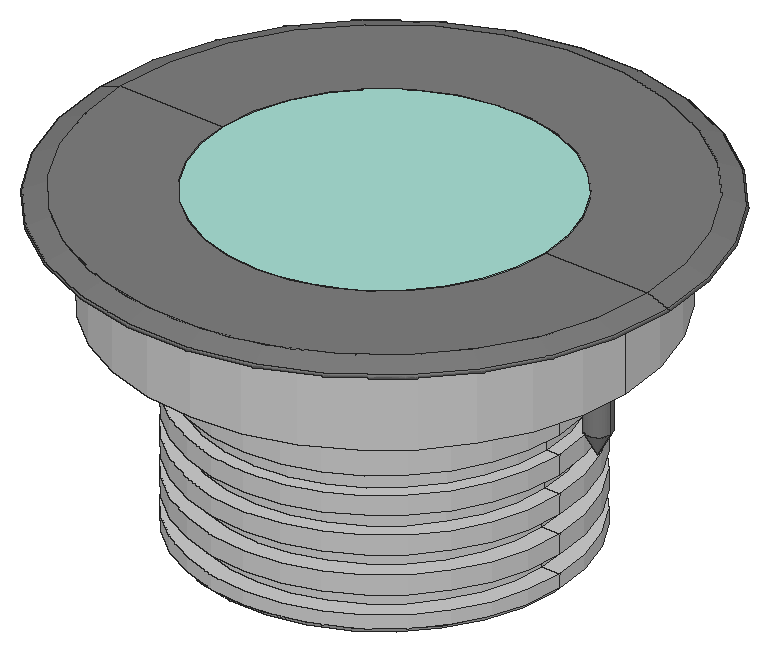
Revit family "Bright 3.H", category Lighting Fixtures, host Face, Revit 2019
Family settings
  Host = Face
  Round Connector Dimension = Use Diameter
  Part Type = Normal
  Cut with Voids When Loaded = Yes
  Light Source = Yes
  Shared = No
  Room Calculation Point = Yes
Parameters (values of type "Bright 3.H L 58° (RGBW 11W 24Vdc)")
  Wiring = "parallel"
  Width mm = 112 mm
  Weight kg = "0.80 kg"
  Wattage = 3.00925 W
  built-in parameter 1150110 = 1 (stored number, unit not read)
  Voltage = 24 V
  URL Accessories and power supply units = "https://www.lucelight.it/en/prodotto.php/128342#a-scheda-accessori"
  URL = "https://www.lucelight.it/en/prodotto.php/128342"
  built-in parameter 1114217 = 1 (stored number, unit not read)
  Tiltable = "-"
  URL Technical sheet = "https://www.lucelight.it/media/prodotti/st/ST_BRIGHT_3H.pdf"
  URL Image = "https://www.lucelight.it/media/prodotti/foto/bright_3.h_still.jpg"
  URL IES Photometric file = "https://www.lucelight.it/media/prodotti/fotometrie/bright_3.h_ies.zip"
  URL General code = "https://www.lucelight.it/en/prodotto.php/128342#a-generacodice"
  URL Description = "https://www.lucelight.it/en/capitolato.php/128342"
  URL DXF = "https://www.lucelight.it/media/prodotti/dxf/bright_3.h.dxf"
  URL Catalogue = "https://www.lucelight.it/media/prodotti/mf_brochure/bright_brochure_en.pdf"
  Trim = L&L_Steel inox AISI 316L
  Tilt Angle = 90.00°
  built-in parameter 1150109 = 1 (stored number, unit not read)
  built-in parameter 1150134 = 12
  built-in parameter 1150113 = 1 (stored number, unit not read)
  Radius Void = 50 mm
  Power supply unit = "not included"
  Power supply = "24Vdc"
  Power cables = "includes 1.50 m FEP+RUB cable (equivalent to H05RN-F) 6x0.50/0.50 Ø6.3 mm"
  Power Supply = L&L_Steel inox AISI 316L
  Power = "11W"
  Photometric Web File = "BRIGHT 3.H L 58° [RGBW 11W 24Vdc].IES"
  Optics = "58°"
  Notes = "-"
  built-in parameter 1150142 = "IESNA:LM-63-2002\r\n[TEST] 20191024-1645\r\n[TESTLAB] L&L\r\n[TESTDATE] 23 Oct 2019\r\n[ISSUEDATE] 23 Oct 2019\r\n[MANUFAC] L&L\r\n[LUMCAT] BRIGHT 3.H L 58° [RGBW 11W 24Vdc]\r\n[LUMINAIRE] BRIGHT 3.H L 58° [RGBW 11W 24Vdc]\r\n[FLASHAREA] 0.000905\r\n[LAMPCAT] RGBW group\r\n[LAMP] RGBW group\r\nTILT=NONE\r\n1 270.00 1.0 181 1 1 2 -0.069 -0.069 0.000\r\n1.00 1.00 11.00\r\n0.00 1.00 2.00 3.00 4.00 5.00 6.00 7.00 8.00 9.00 10.00 \r\n11.00 12.00 13.00 14.00 15.00 16.00 17.00 18.00 19.00 \r\n20.00 21.00 22.00 23.00 24.00 25.00 26.00 27.00 28.00 \r\n29.00 30.00 31.00 32.00 33.00 34.00 35.00 36.00 37.00 \r\n38.00 39.00 40.00 41.00 42.00 43.00 44.00 45.00 46.00 \r\n47.00 48.00 49.00 50.00 51.00 52.00 53.00 54.00 55.00 \r\n56.00 57.00 58.00 59.00 60.00 61.00 62.00 63.00 64.00 \r\n65.00 66.00 67.00 68.00 69.00 70.00 71.00 72.00 73.00 \r\n74.00 75.00 76.00 77.00 78.00 79.00 80.00 81.00 82.00 \r\n83.00 84.00 85.00 86.00 87.00 88.00 89.00 90.00 91.00 \r\n92.00 93.00 94.00 95.00 96.00 97.00 98.00 99.00 100.00 \r\n101.00 102.00 103.00 104.00 105.00 106.00 107.00 108.00 \r\n109.00 110.00 111.00 112.00 113.00 114.00 115.00 116.00 \r\n117.00 118.00 119.00 120.00 121.00 122.00 123.00 124.00 \r\n125.00 126.00 127.00 128.00 129.00 130.00 131.00 132.00 \r\n133.00 134.00 135.00 136.00 137.00 138.00 139.00 140.00 \r\n141.00 142.00 143.00 144.00 145.00 146.00 147.00 148.00 \r\n149.00 150.00 151.00 152.00 153.00 154.00 155.00 156.00 \r\n157.00 158.00 159.00 160.00 161.00 162.00 163.00 164.00 \r\n165.00 166.00 167.00 168.00 169.00 170.00 171.00 172.00 \r\n173.00 174.00 175.00 176.00 177.00 178.00 179.00 180.00 \r\n0.00 \r\n241.00 240.89 240.34 239.40 238.10 236.46 234.38 231.89 \r\n228.98 225.63 221.83 217.59 212.97 207.93 202.63 197.06 \r\n191.31 185.42 179.51 173.59 167.66 161.86 156.15 150.54 \r\n145.03 139.70 134.46 129.33 124.33 119.46 114.69 110.02 \r\n105.42 100.87 96.36 91.91 87.51 83.13 78.85 74.61 70.38 \r\n66.21 62.13 58.08 54.13 50.32 46.60 43.02 39.63 36.38 \r\n33.27 30.39 27.73 25.29 23.08 21.08 19.29 17.69 16.25 \r\n14.95 13.77 12.70 11.73 10.83 10.00 9.22 8.49 7.79 7.12 \r\n6.49 5.88 5.30 4.75 4.22 3.71 3.23 2.78 2.35 1.95 1.59 \r\n1.26 0.97 0.72 0.51 0.35 0.22 0.13 0.07 0.03 0.01 0.00 \r\n0.00 0.00 0.00 0.00 0.00 0.00 0.00 0.00 0.00 0.00 0.00 \r\n0.00 0.00 0.00 0.00 0.00 0.00 0.00 0.00 0.00 0.00 0.00 \r\n0.00 0.00 0.00 0.00 0.00 0.00 0.00 0.00 0.00 0.00 0.00 \r\n0.00 0.00 0.00 0.00 0.00 0.00 0.00 0.00 0.00 0.00 0.00 \r\n0.00 0.00 0.00 0.00 0.00 0.00 0.00 0.00 0.00 0.00 0.00 \r\n0.00 0.00 0.00 0.00 0.00 0.00 0.00 0.00 0.00 0.00 0.00 \r\n0.00 0.00 0.00 0.00 0.00 0.00 0.00 0.00 0.00 0.00 0.00 \r\n0.00 0.00 0.00 0.00 0.00 0.00 0.00 0.00 0.00 0.00 0.00 \r\n0.00 0.00 \r\n"
  No. and type of led = "1 RGBW power LED group, 50 000h L85 B10 (Ta 25°C)"
  Mounting = "recessed (ceiling, wall, floor)"
  Model = "Bright 3.H"
  Material = "body in black-anodized anticorodal aluminium, trim in AISI 316L stainless steel, screen in tempered, serigraphed-grey and transparent extra-clear glass"
  Manufacturer = "L&L Luce&Light"
  built-in parameter 1150105 = 35.571 (stored number, unit not read)
  Lumens = 447 lm
  built-in parameter 1150115 = 1 (stored number, unit not read)
  Lumen output at source = "447 lm, R: 68 lm G: 139 lm B: 51 lm W: 189 lm (4000K)"
  built-in parameter 1150137 = (empty or 0)
  built-in parameter 1150139 = (empty or 0)
  Lens = L&L_Tempered extra-clear glass
  Length mm = 112 mm
  built-in parameter 1150112 = 1 (stored number, unit not read)
  built-in parameter 1150114 = 1 (stored number, unit not read)
  LED Colour = "RGBW"
  built-in parameter 1150132 = 2
  built-in parameter 1150102 = (empty or 0)
  built-in parameter 1150107 = 4000 (stored number, unit not read)
  built-in parameter 1150138 = (empty or 0)
  built-in parameter 1150106 = 0.35571 (stored number, unit not read)
  IP = "IP68, IP69K"
  Height mm = 75 mm
  Height Void = 80 mm
  Geometry = Bright 3.H_mod : Bright 3.H_mod
  Features = "-"
  Energy efficiency class = "A A+ A++"
  Emit from Line Length = 609.6 mm
  built-in parameter 1150104 = 13.8 (stored number, unit not read)
  Dimming Lamp Color Temperature Shift = <None>
  Description = "recessed for outdoor applications"
  Delivered lumen output = "278 lm, R: 43 lm G: 87 lm B: 32 lm W: 116 lm (4000K, 18°)"
  Default Elevation = 1219.2 mm
  Cutout dimensions = "diam. 96 mm"
  Control system = "-"
  Contact = "T: +39 0444 360571; E: lucelight@lucelight.it"
  Company = "L&L Luce&Light"
  Color Filter = 16777215
  Code = "-"
  CRI = "-"
  Body = L&L_Anodized aluminium
  built-in parameter 1114218 = 1 (stored number, unit not read)
  built-in parameter 1150133 = 10 (stored number, unit not read)
  Apparent Load Phase 1 = 11 W
  Apparent Load = 0 VA
Types (3, lengths in mm): name | Photometric Web File | Optics | built-in parameter 1150142
  Bright 3.H L 58° (RGBW 11W 24Vdc) | "BRIGHT 3.H L 58° [RGBW 11W 24Vdc].IES" | "58°" | "IESNA:LM-63-2002\r\n[TEST] 20191024-1645\r\n[TESTLAB] L&L\r\n[TESTDATE] 23 Oct 2019\r\n[ISSUEDATE] 23 Oct 2019\r\n[MANUFAC] L&L\r\n[LUMCAT] BRIGHT 3.H L 58° [RGBW 11W 24Vdc]\r\n[LUMINAIRE] BRIGHT 3.H L 58° [RGBW 11W 24Vdc]\r\n[FLASHAREA] 0.000905\r\n[LAMPCAT] RGBW group\r\n[LAMP] RGBW group\r\nTILT=NONE\r\n1 270.00 1.0 181 1 1 2 -0.069 -0.069 0.000\r\n1.00 1.00 11.00\r\n0.00 1.00 2.00 3.00 4.00 5.00 6.00 7.00 8.00 9.00 10.00 \r\n11.00 12.00 13.00 14.00 15.00 16.00 17.00 18.00 19.00 \r\n20.00 21.00 22.00 23.00 24.00 25.00 26.00 27.00 28.00 \r\n29.00 30.00 31.00 32.00 33.00 34.00 35.00 36.00 37.00 \r\n38.00 39.00 40.00 41.00 42.00 43.00 44.00 45.00 46.00 \r\n47.00 48.00 49.00 50.00 51.00 52.00 53.00 54.00 55.00 \r\n56.00 57.00 58.00 59.00 60.00 61.00 62.00 63.00 64.00 \r\n65.00 66.00 67.00 68.00 69.00 70.00 71.00 72.00 73.00 \r\n74.00 75.00 76.00 77.00 78.00 79.00 80.00 81.00 82.00 \r\n83.00 84.00 85.00 86.00 87.00 88.00 89.00 90.00 91.00 \r\n92.00 93.00 94.00 95.00 96.00 97.00 98.00 99.00 100.00 \r\n101.00 102.00 103.00 104.00 105.00 106.00 107.00 108.00 \r\n109.00 110.00 111.00 112.00 113.00 114.00 115.00 116.00 \r\n117.00 118.00 119.00 120.00 121.00 122.00 123.00 124.00 \r\n125.00 126.00 127.00 128.00 129.00 130.00 131.00 132.00 \r\n133.00 134.00 135.00 136.00 137.00 138.00 139.00 140.00 \r\n141.00 142.00 143.00 144.00 145.00 146.00 147.00 148.00 \r\n149.00 150.00 151.00 152.00 153.00 154.00 155.00 156.00 \r\n157.00 158.00 159.00 160.00 161.00 162.00 163.00 164.00 \r\n165.00 166.00 167.00 168.00 169.00 170.00 171.00 172.00 \r\n173.00 174.00 175.00 176.00 177.00 178.00 179.00 180.00 \r\n0.00 \r\n241.00 240.89 240.34 239.40 238.10 236.46 234.38 231.89 \r\n228.98 225.63 221.83 217.59 212.97 207.93 202.63 197.06 \r\n191.31 185.42 179.51 173.59 167.66 161.86 156.15 150.54 \r\n145.03 139.70 134.46 129.33 124.33 119.46 114.69 110.02 \r\n105.42 100.87 96.36 91.91 87.51 83.13 78.85 74.61 70.38 \r\n66.21 62.13 58.08 54.13 50.32 46.60 43.02 39.63 36.38 \r\n33.27 30.39 27.73 25.29 23.08 21.08 19.29 17.69 16.25 \r\n14.95 13.77 12.70 11.73 10.83 10.00 9.22 8.49 7.79 7.12 \r\n6.49 5.88 5.30 4.75 4.22 3.71 3.23 2.78 2.35 1.95 1.59 \r\n1.26 0.97 0.72 0.51 0.35 0.22 0.13 0.07 0.03 0.01 0.00 \r\n0.00 0.00 0.00 0.00 0.00 0.00 0.00 0.00 0.00 0.00 0.00 \r\n0.00 0.00 0.00 0.00 0.00 0.00 0.00 0.00 0.00 0.00 0.00 \r\n0.00 0.00 0.00 0.00 0.00 0.00 0.00 0.00 0.00 0.00 0.00 \r\n0.00 0.00 0.00 0.00 0.00 0.00 0.00 0.00 0.00 0.00 0.00 \r\n0.00 0.00 0.00 0.00 0.00 0.00 0.00 0.00 0.00 0.00 0.00 \r\n0.00 0.00 0.00 0.00 0.00 0.00 0.00 0.00 0.00 0.00 0.00 \r\n0.00 0.00 0.00 0.00 0.00 0.00 0.00 0.00 0.00 0.00 0.00 \r\n0.00 0.00 0.00 0.00 0.00 0.00 0.00 0.00 0.00 0.00 0.00 \r\n0.00 0.00 \r\n"
  Bright 3.H M 32° (RGBW 11W 24Vdc) | "BRIGHT 3.H M 32° [RGBW 11W 24Vdc].IES" | "32°" | "IESNA:LM-63-2002\r\n[TEST] 20191024-1455\r\n[TESTLAB] L&L\r\n[TESTDATE] 23 Oct 2019\r\n[ISSUEDATE] 23 Oct 2019\r\n[MANUFAC] L&L\r\n[LUMCAT] BRIGHT 3.H M 32° [RGBW 11W 24Vdc]\r\n[LUMINAIRE] BRIGHT 3.H M 32° [RGBW 11W 24Vdc]\r\n[FLASHAREA] 0.000905\r\n[LAMPCAT] RGBW group\r\n[LAMP] RGBW group\r\nTILT=NONE\r\n1 272.00 1.0 181 1 1 2 -0.069 -0.069 0.000\r\n1.00 1.00 11.00\r\n0.00 1.00 2.00 3.00 4.00 5.00 6.00 7.00 8.00 9.00 10.00 \r\n11.00 12.00 13.00 14.00 15.00 16.00 17.00 18.00 19.00 \r\n20.00 21.00 22.00 23.00 24.00 25.00 26.00 27.00 28.00 \r\n29.00 30.00 31.00 32.00 33.00 34.00 35.00 36.00 37.00 \r\n38.00 39.00 40.00 41.00 42.00 43.00 44.00 45.00 46.00 \r\n47.00 48.00 49.00 50.00 51.00 52.00 53.00 54.00 55.00 \r\n56.00 57.00 58.00 59.00 60.00 61.00 62.00 63.00 64.00 \r\n65.00 66.00 67.00 68.00 69.00 70.00 71.00 72.00 73.00 \r\n74.00 75.00 76.00 77.00 78.00 79.00 80.00 81.00 82.00 \r\n83.00 84.00 85.00 86.00 87.00 88.00 89.00 90.00 91.00 \r\n92.00 93.00 94.00 95.00 96.00 97.00 98.00 99.00 100.00 \r\n101.00 102.00 103.00 104.00 105.00 106.00 107.00 108.00 \r\n109.00 110.00 111.00 112.00 113.00 114.00 115.00 116.00 \r\n117.00 118.00 119.00 120.00 121.00 122.00 123.00 124.00 \r\n125.00 126.00 127.00 128.00 129.00 130.00 131.00 132.00 \r\n133.00 134.00 135.00 136.00 137.00 138.00 139.00 140.00 \r\n141.00 142.00 143.00 144.00 145.00 146.00 147.00 148.00 \r\n149.00 150.00 151.00 152.00 153.00 154.00 155.00 156.00 \r\n157.00 158.00 159.00 160.00 161.00 162.00 163.00 164.00 \r\n165.00 166.00 167.00 168.00 169.00 170.00 171.00 172.00 \r\n173.00 174.00 175.00 176.00 177.00 178.00 179.00 180.00 \r\n0.00 \r\n655.31 654.48 649.35 641.42 630.51 616.52 599.74 580.01 \r\n557.59 532.99 506.31 477.79 447.75 416.88 385.52 354.65 \r\n324.20 294.76 266.70 240.22 215.73 193.22 172.75 154.37 \r\n137.69 122.95 110.04 98.60 88.49 79.76 72.09 65.24 59.23 \r\n53.88 49.10 44.89 41.10 37.73 34.74 32.03 29.61 27.41 \r\n25.41 23.61 21.99 20.51 19.17 17.94 16.81 15.77 14.79 \r\n13.86 13.00 12.19 11.41 10.69 10.00 9.35 8.72 8.12 7.55 \r\n7.00 6.47 5.98 5.51 5.06 4.63 4.22 3.83 3.46 3.10 2.77 \r\n2.46 2.17 1.89 1.63 1.39 1.16 0.96 0.78 0.61 0.47 0.35 \r\n0.25 0.17 0.11 0.06 0.03 0.02 0.01 0.00 0.00 0.00 0.00 \r\n0.00 0.00 0.00 0.00 0.00 0.00 0.00 0.00 0.00 0.00 0.00 \r\n0.00 0.00 0.00 0.00 0.00 0.00 0.00 0.00 0.00 0.00 0.00 \r\n0.00 0.00 0.00 0.00 0.00 0.00 0.00 0.00 0.00 0.00 0.00 \r\n0.00 0.00 0.00 0.00 0.00 0.00 0.00 0.00 0.00 0.00 0.00 \r\n0.00 0.00 0.00 0.00 0.00 0.00 0.00 0.00 0.00 0.00 0.00 \r\n0.00 0.00 0.00 0.00 0.00 0.00 0.00 0.00 0.00 0.00 0.00 \r\n0.00 0.00 0.00 0.00 0.00 0.00 0.00 0.00 0.00 0.00 0.00 \r\n0.00 0.00 0.00 0.00 0.00 0.00 0.00 0.00 0.00 0.00 \r\n"
  Bright 3.H S 18° (RGBW 11W 24Vdc) | "BRIGHT 3.H S 18° [RGBW 11W 24Vdc].IES" | "18°" | "IESNA:LM-63-2002\r\n[TEST] 20191024-1122\r\n[TESTLAB] L&L\r\n[TESTDATE] 23 Oct 2019\r\n[ISSUEDATE] 23 Oct 2019\r\n[MANUFAC] L&L\r\n[LUMCAT] BRIGHT 3.H S 18° [RGBW 11W 24Vdc]\r\n[LUMINAIRE] BRIGHT 3.H S 18° [RGBW 11W 24Vdc]\r\n[FLASHAREA] 0.000905\r\n[LAMPCAT] RGBW group\r\n[LAMP] RGBW group\r\nTILT=NONE\r\n1 278.00 1.0 181 1 1 2 -0.069 -0.069 0.000\r\n1.00 1.00 11.00\r\n0.00 1.00 2.00 3.00 4.00 5.00 6.00 7.00 8.00 9.00 10.00 \r\n11.00 12.00 13.00 14.00 15.00 16.00 17.00 18.00 19.00 \r\n20.00 21.00 22.00 23.00 24.00 25.00 26.00 27.00 28.00 \r\n29.00 30.00 31.00 32.00 33.00 34.00 35.00 36.00 37.00 \r\n38.00 39.00 40.00 41.00 42.00 43.00 44.00 45.00 46.00 \r\n47.00 48.00 49.00 50.00 51.00 52.00 53.00 54.00 55.00 \r\n56.00 57.00 58.00 59.00 60.00 61.00 62.00 63.00 64.00 \r\n65.00 66.00 67.00 68.00 69.00 70.00 71.00 72.00 73.00 \r\n74.00 75.00 76.00 77.00 78.00 79.00 80.00 81.00 82.00 \r\n83.00 84.00 85.00 86.00 87.00 88.00 89.00 90.00 91.00 \r\n92.00 93.00 94.00 95.00 96.00 97.00 98.00 99.00 100.00 \r\n101.00 102.00 103.00 104.00 105.00 106.00 107.00 108.00 \r\n109.00 110.00 111.00 112.00 113.00 114.00 115.00 116.00 \r\n117.00 118.00 119.00 120.00 121.00 122.00 123.00 124.00 \r\n125.00 126.00 127.00 128.00 129.00 130.00 131.00 132.00 \r\n133.00 134.00 135.00 136.00 137.00 138.00 139.00 140.00 \r\n141.00 142.00 143.00 144.00 145.00 146.00 147.00 148.00 \r\n149.00 150.00 151.00 152.00 153.00 154.00 155.00 156.00 \r\n157.00 158.00 159.00 160.00 161.00 162.00 163.00 164.00 \r\n165.00 166.00 167.00 168.00 169.00 170.00 171.00 172.00 \r\n173.00 174.00 175.00 176.00 177.00 178.00 179.00 180.00 \r\n0.00 \r\n1890.56 1879.84 1827.74 1750.56 1649.50 1527.43 1391.93 \r\n1246.57 1097.54 950.84 810.28 679.97 561.75 457.39 369.23 \r\n296.03 236.11 189.03 152.43 123.97 102.59 86.42 74.08 \r\n64.71 57.54 51.95 47.59 44.15 41.38 39.14 37.27 35.65 \r\n34.21 32.87 31.57 30.29 28.98 27.64 26.26 24.82 23.37 \r\n21.90 20.42 18.97 17.56 16.19 14.90 13.69 12.55 11.50 \r\n10.53 9.63 8.79 8.03 7.33 6.70 6.10 5.56 5.06 4.59 4.16 \r\n3.77 3.41 3.08 2.78 2.51 2.26 2.03 1.82 1.62 1.45 1.28 \r\n1.13 1.00 0.87 0.75 0.64 0.55 0.46 0.38 0.30 0.24 0.18 \r\n0.14 0.10 0.07 0.04 0.03 0.02 0.01 0.00 0.00 0.00 0.00 \r\n0.00 0.00 0.00 0.00 0.00 0.00 0.00 0.00 0.00 0.00 0.00 \r\n0.00 0.00 0.00 0.00 0.00 0.00 0.00 0.00 0.00 0.00 0.00 \r\n0.00 0.00 0.00 0.00 0.00 0.00 0.00 0.00 0.00 0.00 0.00 \r\n0.00 0.00 0.00 0.00 0.00 0.00 0.00 0.00 0.00 0.00 0.00 \r\n0.00 0.00 0.00 0.00 0.00 0.00 0.00 0.00 0.00 0.00 0.00 \r\n0.00 0.00 0.00 0.00 0.00 0.00 0.00 0.00 0.00 0.00 0.00 \r\n0.00 0.00 0.00 0.00 0.00 0.00 0.00 0.00 0.00 0.00 0.00 \r\n0.00 0.00 0.00 0.00 0.00 0.00 0.00 0.00 0.00 0.00 \r\n"
Reference planes
  plane 1 "Center (Front/Back)": y = 0
  plane 2: z = 0
  plane 3 "Center (Left/Right)": x = 0
  plane 4: z = -80
Forms (mm)
  Extrusion 1, void
    sketch origin (0, 0, 0) x (1, 0, 0) y (0, 1, 0)
      loop
        circle (0, 0) r 50
    from -80 to 0
Dimensions and locks
  "Height Void": plane 4 to plane 2
  "Radius Void": radius of Extrusion 1 sketch curve
  aligned and locked: plane 2 to host face
  aligned and locked: level to host face
  aligned and locked: Extrusion 1 to plane 4
  aligned and locked: plane 2 to Extrusion 1
Automatic sketch dimensions
  host sketch curve to host sketch curve = 2438.4 mm  (x2)
  plane 1 "Center (Front/Back)" to Extrusion 1 sketch curve = 0 mm
  Extrusion 1 sketch curve to plane 3 "Center (Left/Right)" = 0 mm
Nested families
  nested 1: "Bright 3.H_mod" at (0, 0, 0), type <- "Geometry", type "Bright 3.H_mod"
Connectors
  electrical at (0, 0, 0), driven by "Apparent Load Phase 1", driven by "Voltage"
    settings: index 1, voltage 24 V, apparent load 0 VA, apparent load phase1 11 VA, apparent load phase2 0 VA, apparent load phase3 0 VA, power factor 1, load classification "Lighting", number of poles 1, system type 31, power factor state 1, is connector primary yes, connector utility no, sub classification motor no, connector description ""
Definition of nested family "Bright 3.H_mod"
  Parameters (values of type "Bright 3.H_mod")
    Trim = none
    Power Supply = none
    Lens = none
    Default Elevation = 1219.2 mm
    Body = none
  Reference planes
    plane 1 "Light Source Axis (F/B)": y = 0
    plane 2: z = 0
    plane 3 "Light Source Axis (L/R)": x = 0
    plane 4 "Light Source Elevation": z = 2
    plane 5: y = 157.034
    plane 6: y = -148.878
    plane 7: x = 247.695
    plane 8: x = -242.358
    plane 9: z = -73
    plane 10: z = -17.2
    plane 11: x = -34.5
    plane 12: x = 34.5
  Forms (mm)
    Extrusion 1, solid, material <- "Body", detail levels coarse
      sketch origin (0, 0, 0) x (1, 0, 0) y (0, 1, 0)
        loop
          circle (0, 0) r 56
      from -73 to 2
    Extrusion 2, solid, material <- "Body", detail levels medium
      sketch origin (0, 0, 0) x (1, 0, 0) y (0, 1, 0)
        loop
          circle (0, 0) r 34.5
      from -17.2 to -73
    Extrusion 3, solid, material <- "Trim", detail levels medium
      sketch origin (0, 0, 0) x (1, 0, 0) y (0, 1, 0)
        loop
          circle (0, 0) r 55.9
        loop
          circle (0, 0) r 31.675
      from 2 to -17.2
    Extrusion 4, solid, material <- "Lens", detail levels medium+fine
      sketch origin (0, 0, 0) x (1, 0, 0) y (0, 1, 0)
        loop
          circle (0, 0) r 31.675
      from 0 to 2
    Revolve 5, solid, material <- "Body", detail levels fine
      sketch origin (0, 0, 0) x (1, 0, 0) y (0, 0, 1)
        loop
          line (47.5, -17.2) -> (47.5, 0) -> (0, 0) -> (0, -17.2) -> (47.5, -17.2)
        axis (0, 0) -> (0, -17.2)
      angle from 0 to 360
    Revolve 6, solid, material <- "Body", detail levels fine
      sketch origin (0, 0, 0) x (1, 0, 0) y (0, 0, 1)
        loop
          line (34.5, -17.2) -> (0, -17.2) -> (0, -57) -> (33.5, -57) -> (34.5, -56) -> (34.5, -53.5) -> (31, -53.5) -> (31, -50) -> (34.5, -50) -> (34.5, -46.5) -> (31, -46.5) -> (31, -43) -> (34.5, -43) -> (34.5, -39.5) -> (31.5, -39.5) -> (31.5, -36) -> (34.5, -36) -> (34.5, -32.5) -> (32, -32.5) -> (32, -29) -> (34.5, -29) -> (34.5, -17.2)
        axis (0, -57) -> (0, -17.2)
      angle from 0 to 360
    Revolve 7, solid, material <- "Trim", detail levels fine
      sketch origin (0, 0, 0) x (1, 0, 0) y (0, 0, 1)
        loop
          line (31.675, 2) -> (31.675, 0) -> (55.523, 0)
          arc (55.523, 0) -> (55.886, 0.2) -> (55.702, 0.572) r 0.3
          line (55.702, 0.572) -> (51.779, 2) -> (31.675, 2)
        axis (0, 0) -> (0, 2)
      angle from 0 to 360
    Revolve 8, solid, material <- "Power Supply", detail levels fine
      sketch origin (0, 0, 0) x (1, 0, 0) y (0, 0, 1)
        loop
          line (44.4, -25.601) -> (44.4, -17.2) -> (42, -17.2) -> (42, -30) -> (44.4, -25.601)
        axis (42, -17.2) -> (42, -30)
      angle from 0 to 360
    Revolve 9, solid, material <- "Power Supply", detail levels fine
      sketch origin (-84, 0, 0) x (1, 0, 0) y (0, 0, 1)
        loop
          line (44.4, -25.601) -> (44.4, -17.2) -> (42, -17.2) -> (42, -30) -> (44.4, -25.601)
        axis (42, -17.2) -> (42, -30)
      angle from 0 to 360
  Dimensions and locks
    level to plane 4 "Light Source Elevation" = 2 mm
    plane 9 to plane 4 "Light Source Elevation" = 75 mm
    plane 10 to plane 4 "Light Source Elevation" = 19.2 mm
    aligned and locked: level to plane 2
    aligned and locked: Extrusion 1 to plane 4 "Light Source Elevation"
    aligned and locked: Extrusion 1 to plane 9
    aligned and locked: Extrusion 2 to plane 9
    aligned and locked: Extrusion 3 to plane 4 "Light Source Elevation"
    aligned and locked: Extrusion 3 to plane 10
    aligned and locked: plane 10 to Extrusion 2
    aligned and locked: Extrusion 4 to level
    aligned and locked: Extrusion 4 to plane 4 "Light Source Elevation"
  Nested families
    nested 1: "Power supply" at (0, 22.677, -57), type "Power supply", detail levels fine
  Definition of nested family "Power supply"
    Parameters (values of type "Power supply")
      Power supply = none
      Default Elevation = 1219.2 mm
    Reference planes
      plane 1 "Light Source Axis (F/B)": y = 0
      plane 2: z = 0
      plane 3 "Light Source Axis (L/R)": x = 0
      plane 4 "Light Source Elevation": z = 1500
    Forms (mm)
      Extrusion 1, solid, material <- "Power supply"
        sketch origin (36.054, -14.716, -19.543) x (1, 0, 0) y (0, 1, 0)
          loop
            circle (-36.054, 14.716) r 6
        from 13.043 to 16.043
      Extrusion 2, solid, material <- "Power supply"
        sketch origin (33.254, -14.716, -12.98) x (1, 0, 0) y (0, 1, 0)
          loop
            line (-33.254, 22.466) -> (-38.734, 20.196) -> (-41.004, 14.716) -> (-38.734, 9.236) -> (-33.254, 6.966) -> (-27.774, 9.236) -> (-25.504, 14.716) -> (-27.774, 20.196) -> (-33.254, 22.466)
        from 9.48 to 12.98
      Extrusion 3, solid, material <- "Power supply"
        sketch origin (33.254, -14.716, -21.238) x (1, 0, 0) y (0, 1, 0)
          loop
            line (-33.254, 22.466) -> (-38.734, 20.196) -> (-41.004, 14.716) -> (-38.734, 9.236) -> (-33.254, 6.966) -> (-27.774, 9.236) -> (-25.504, 14.716) -> (-27.774, 20.196) -> (-33.254, 22.466)
        from 9.238 to 14.738
      Revolve 4, solid, material <- "Power supply"
        sketch origin (0, 0, 0) x (1, 0, 0) y (0, 0, 1)
          loop
            line (6.964, -12) -> (0, -12) -> (0, -16) -> (3.5, -16)
            arc (3.5, -16) -> (6.146, -14.791) -> (6.964, -12) r 3.5
          axis (0, -16) -> (0, -12)
        angle from 0 to 360
    Dimensions and locks
      aligned and locked: level to plane 2
